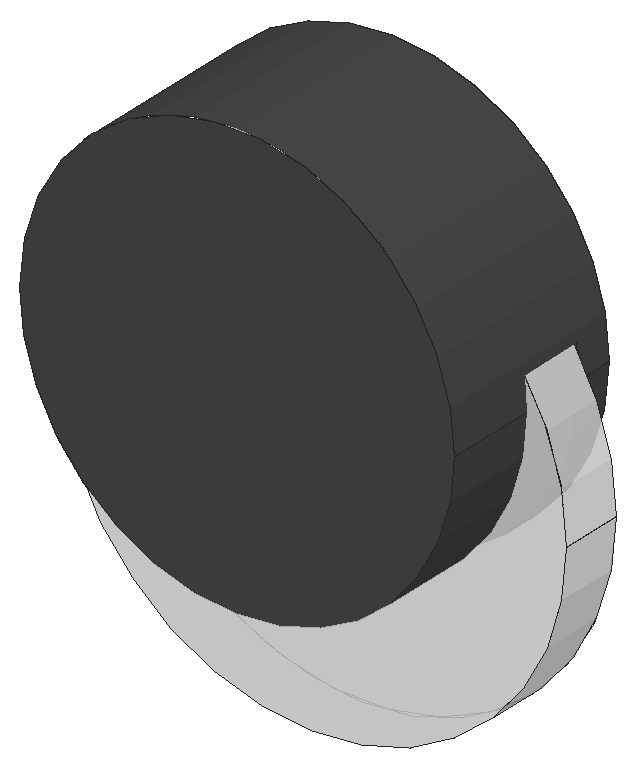
Revit family "3-xxx-xx Pavo Wall Lantern", category Luminarias, Revit 2020
Family settings
  Anfitrión = Muro
  Cota de conector redondo = Diámetro de uso
  Tipo de pieza = Normal
  Número OmniClass = 23.80.70.00
  Título OmniClass = Lighting
  Siempre vertical = Sí
  Corte con vacíos al cargar = No
  Origen de luz = Sí
  Compartido = No
  Punto de cálculo de habitación = No
Parameters (values of type "3-753-15 / Black - White Frost Glass")
  Wattage Comments = ""
  Wattage = 12.48 W
  built-in parameter 1150110 = 1 (stored number, unit not read)
  Voltage Input = "120 V or 277 V - 50/60 Hz"  # constant formula
  Voltage = 120 V
  URL = "www.oxygenlighting.com"
  built-in parameter 1114217 = 1 (stored number, unit not read)
  built-in parameter 1150109 = 1 (stored number, unit not read)
  built-in parameter 1150134 = (empty or 0)
  built-in parameter 1150113 = 1 (stored number, unit not read)
  References = "Ref. 3 = 120 V / Ref. 37 = 277 V"  # constant formula
  Modelo = "3-753-15 Pavo Wall Lantern"  # constant formula
  Metal Finish = 15 - Black
  Fabricante = "Oxygen - Lighting & Fans"  # constant formula
  Main Diffuser = White Frost Glass
  Lumens = 321.984 lm
  built-in parameter 1150115 = 1 (stored number, unit not read)
  built-in parameter 1150105 = 25.623 (stored number, unit not read)
  Tamaño de símbolo de origen de luz = 24.00"
  built-in parameter 1150137 = (empty or 0)
  built-in parameter 1150139 = (empty or 0)
  built-in parameter 1150112 = 1 (stored number, unit not read)
  built-in parameter 1150114 = 1 (stored number, unit not read)
  Lamp = ""
  built-in parameter 1150132 = (empty or 0)
  built-in parameter 1150102 = (empty or 0)
  built-in parameter 1150138 = (empty or 0)
  built-in parameter 1150107 = 3000 (stored number, unit not read)
  built-in parameter 1150106 = 0.25623 (stored number, unit not read)
  built-in parameter 1150104 = 2.3969 (stored number, unit not read)
  Dimming Lamp Color Temperature Shift = (empty or 0)
  Default Elevation = 0.00"
  Color Filter = 16777215
  built-in parameter 1114218 = 1 (stored number, unit not read)
  built-in parameter 1150133 = 10 (stored number, unit not read)
Reference planes (in)
  plane 1: y = 0
  plane 2 "Light Source Axis (F/B)": y = 4.01601
  plane 3 "Light Source Axis (L/R)": x = -1.43133
  plane 4 "Light Source Elevation": z = 38
  plane 5 "Wall Face": y = 3
Text (in)
  text "Placement Side" at (0, 40.15149, 123.01588), in view "Right"
  text "Placement Side" at (-70.3804, 56.61594, 0), in view "Ref. Level"
  text "Placement Side" at (0, 47.49176, 140.59947), in view "Left"
Dimensions and locks (in)
  aligned and locked: plane 3 "Light Source Axis (L/R)" to imposter light
  aligned and locked: plane 5 "Wall Face" to host wall
  aligned and locked: nested 1 to plane 3 "Light Source Axis (L/R)"
  aligned and locked: plane 2 "Light Source Axis (F/B)" to imposter light
  aligned and locked: imposter light to plane 4 "Light Source Elevation"
  aligned and locked: nested 1 to plane 5 "Wall Face"
  aligned and locked: plane 2 "Light Source Axis (F/B)" to nested 1
  aligned and locked: nested 1 to plane 4 "Light Source Elevation"
Nested families (in)
  nested 1: "Family2" at (-1.43133, 3, 37.90617) x (-1, 0, 0) z (0, 0, 1), type "Family2"
Definition of nested family "Family2"
  Parameters (values of type "Family2")
    Metal Finish = none
    Diffuser Material = none
    Default Elevation = 0.00"
  Reference planes (in)
    plane 1 "Center (Front/Back)": y = 0
    plane 2: z = 0
    plane 3 "Center (Left/Right)": x = 0
  Forms (in)
    Extrusion 1, solid, material <- "Metal Finish"
      sketch origin (0, 0, 0) x (1, 0, 0) y (0, 0, 1)
        loop
          circle (0, -0.25623) r 2.35178
      from 0 to 2.08661
    Extrusion 2, solid, material <- "Diffuser Material"
      sketch origin (0, 0, 0) x (1, 0, 0) y (0, 0, 1)
        loop
          circle (0, -1.44084) r 2.75333
      from 1.01601 to 1.68708
    Extrusion 3, void
      sketch origin (0, 0, 0) x (0, 1, 0) y (0, 0, 1)
        loop
          line (-0.97941, -2.62399) -> (-0.97941, 0.09383) -> (-1.68708, 0.09383) -> (-1.68708, -2.62399) -> (-0.97941, -2.62399)
      from -4.11119 to 4.41888
  Cuts and joins
    Extrusion 3 cuts Extrusion 1
  Dimensions and locks (in)
    aligned and locked: level to plane 2
